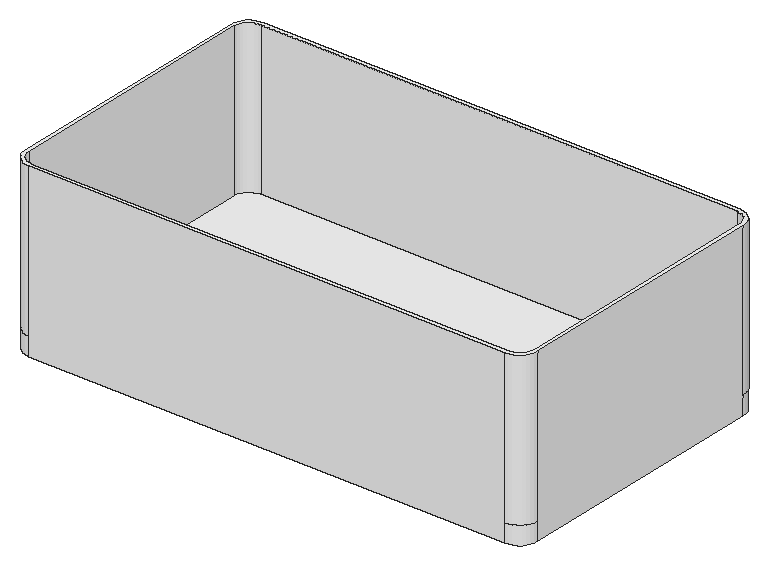
Revit family "Domotics-DomesticRanges-GEWISS-SYSTEM_BOX_WALL-MOUNTING_TOP", category Apparecchi elettrici, host Superficie, Revit 2016
Family settings
  Host = Superficie
  Mantenere orientamento annotazione = No
  Tipo di parte = Normale
  Quota connettore circolare = Usa diametro
  Taglio con vuoti quando caricato = No
  Condiviso = Sì
  Punto di calcolo locali = Sì
Parameters (values of type "GW22472 - Top system wall enc.plates 4P cloud white")
  Version file RFA = "19.4"
  URL = "https://www.gewiss.com/ww/en"
  Tipo = System Scatole Parete x Placche Top_GENERICO : GW22472 Scatola da parete per placche Top System 4P bianco nuvola
  Thermo-pressure with ball = "70 °C"
  Technical sheet = "https://www.gewiss.com/ww/en/search?q=GW22472"
  Suitable for plates = "4 gang"
  Suitable for = "4 gang TOP SYSTEM"
  SEO = "Box"
  Realized by GEWISS S.p.A. = ""
  Default Elevation = 1219.2 mm
  Produttore = "GEWISS S.p.A."
  Montaggio [instance] = ""
  Modello = "GW22472"
  Immagine tipo = GW22472.jpg
  IDT = "42988f69-0a41-4a44-8f66-de2be189585a"
  IDF = "dac660ad-9b35-49b4-9ac1-50a97c30c20d"
  Glow Wire Test = "650°C"
  For trunking dim. (mm) = "14x8.5 30x13 20x10"
  For conduits max Ã˜ (mm) = "16 - 20"
  Electrocod = "0210"
  EAN code = "8011564130227"
  Distanza frutto [instance] = 8.783 mm
  Descrizione = "TOP SYSTEM WALL ENC.PLATES 4PCLOUD WHITE"
  Colour = "Cloud white"
  Characteristics = "Halogen free"
  Catalogue Range = "SYSTEM - BOXES"
  Catalogue = "DOMOTICS"
  COBie.Tagnumber = ""
  COBie.CreatedOn = ""
  COBie.CreatebBy = ""
  COBie.ComponentRegisterItemID = ""
  COBie.Component.TagNumber = ""
  COBie.Component.Space = ""
  COBie.Component.SerialNumber = ""
  COBie.Component.InstallationDate = ""
  COBie.Component.Description = ""
  COBie.Component.BarCode = ""
  Alimentazione [instance] = ""
Types (2, lengths in mm): name | Tipo | Technical sheet | Suitable for plates | Suitable for | Modello | Immagine tipo | IDT | EAN code | Descrizione
  GW22472 - Top system wall enc.plates 4P cloud white | System Scatole Parete x Placche Top_GENERICO : GW22472 Scatola da parete per placche Top System 4P bianco nuvola | "https://www.gewiss.com/ww/en/search?q=GW22472" | "4 gang" | "4 gang TOP SYSTEM" | "GW22472" | GW22472.jpg | "42988f69-0a41-4a44-8f66-de2be189585a" | "8011564130227" | "TOP SYSTEM WALL ENC.PLATES 4PCLOUD WHITE"
  GW22471 - Top system wall enc.plates 3P cloud white | System Scatole Parete x Placche Top_GENERICO : GW22471 Scatola da parete per placche Top System 3P bianco nuvola | "https://www.gewiss.com/ww/en/search?q=GW22471" | "1/2/3 gangs" | "1/2/3 gang TOP SYSTEM" | "GW22471" | GW22471.jpg | "66e7572a-aa06-4e96-9159-f4e50d021690" | "8011564130210" | "TOP SYSTEM WALL ENC.PLATES 3P CLOUD WH."
Reference planes
  plane 1 "Centro (Fronte/Retro)": y = 0
  plane 2: z = 0
  plane 3 "Centro (Sinistra/Destra)": x = 0
  plane 4 "Piano frutto": z = 37.717
  plane 5: z = 36.717
Lines and regions (mm)
  model lines, style "InvisibleLines"
    curve 1: line (-69, 0, 37.717) -> (69, 0, 37.717)
Dimensions and locks
  "Distanza frutto": nested 1 to plane 4 "Piano frutto"
  locked: plane 4 "Piano frutto" to plane 5 at 1
  aligned and locked: plane 2 to host face
  aligned and locked: level to host face
  aligned and locked: plane 3 "Centro (Sinistra/Destra)" to nested 1
  aligned and locked: plane 1 "Centro (Fronte/Retro)" to nested 1
  aligned and locked: nested 1 to curve 1  (x2)
Automatic sketch dimensions
  host sketch curve to host sketch curve = 2438.4 mm  (x2)
  plane 1 "Centro (Fronte/Retro)" to curve 1 = 0 mm
Nested families
  nested 1: "System Scatole Parete x Placche Top_GENERICO" at (0, 0, 0), type <- "Tipo", type "GW22472 Scatola da parete per placche Top System 4P bianco nuvola"
Definition of nested family "System Scatole Parete x Placche Top_GENERICO"
  Parameters (values of type "GW22472 Scatola da parete per placche Top System 4P bianco nuvola")
    Pofondità = 52.5 mm
    Passo Viti = 106.6 mm
    Lunghezza = 80 mm
    Larghezza = 140 mm
    Finitura Top = none
    Altezza da Terra = 750 mm
  Types (2, lengths in mm): name | Passo Viti | Larghezza | Altezza da Terra
    GW22471 Scatola da parete per placche Top System 3P bianco nuvola | 83.5 | 116 | 500
    GW22472 Scatola da parete per placche Top System 4P bianco nuvola | 106.6 | 140 | 750
  Reference planes
    plane 1 "Centro (Fronte/Retro)": y = 0
    plane 2: z = 0
    plane 3 "Centro (Sinistra/Destra)": x = 0
    plane 4: y = 40
    plane 5: y = -40
    plane 6: x = -70
    plane 7: x = 70
  Forms (mm)
    Extrusion 1, solid, material <- "Finitura Top"
      sketch origin (0, 540, 5) x (0, -1, 0) y (1, 0, 0)
        loop
          line (580, -65) -> (580, 65)
          arc (580, 65) -> (578.536, 68.536) -> (575, 70) r 5
          line (575, 70) -> (505, 70)
          arc (505, 70) -> (501.464, 68.536) -> (500, 65) r 5
          line (500, 65) -> (500, -65)
          arc (500, -65) -> (501.464, -68.536) -> (505, -70) r 5
          line (505, -70) -> (575, -70)
          arc (575, -70) -> (578.536, -68.536) -> (580, -65) r 5
        loop
          line (501, 65) -> (501, -65)
          arc (501, -65) -> (502.172, -67.828) -> (505, -69) r 4
          line (505, -69) -> (575, -69)
          arc (575, -69) -> (577.828, -67.828) -> (579, -65) r 4
          line (579, -65) -> (579, 65)
          arc (579, 65) -> (577.828, 67.828) -> (575, 69) r 4
          line (575, 69) -> (505, 69)
          arc (505, 69) -> (502.172, 67.828) -> (501, 65) r 4
      from 41.5 to 0
    Extrusion 2, solid, material <- "Finitura Top"
      sketch origin (0, 540, -41.5) x (0, -1, 0) y (1, 0, 0)
        loop
          line (580, -65) -> (580, 65)
          arc (580, 65) -> (578.536, 68.536) -> (575, 70) r 5
          line (575, 70) -> (505, 70)
          arc (505, 70) -> (501.464, 68.536) -> (500, 65) r 5
          line (500, 65) -> (500, -65)
          arc (500, -65) -> (501.464, -68.536) -> (505, -70) r 5
          line (505, -70) -> (575, -70)
          arc (575, -70) -> (578.536, -68.536) -> (580, -65) r 5
      from 46.5 to 41.5
  Cuts and joins
    joined: Extrusion 1, Extrusion 2
  Dimensions and locks
    equal spacing: plane 4, plane 1 "Centro (Fronte/Retro)", plane 5
    "Lunghezza": plane 4 to plane 5
    equal spacing: plane 6, plane 3 "Centro (Sinistra/Destra)", plane 7
    "Larghezza": plane 6 to plane 7
    aligned and locked: level to plane 2
    aligned and locked: plane 4 to cut or joined group of Extrusion 1, Extrusion 2
    aligned and locked: plane 5 to cut or joined group of Extrusion 1, Extrusion 2
    aligned and locked: plane 6 to cut or joined group of Extrusion 1, Extrusion 2
    aligned and locked: cut or joined group of Extrusion 1, Extrusion 2 to plane 6
    aligned and locked: Extrusion 2 sketch curve to plane 7
  Automatic sketch dimensions
    Extrusion 1 sketch curve to plane 5 = 0 mm
    Extrusion 1 sketch curve to plane 7 = 0 mm
    Extrusion 1 sketch curve to plane 4 = 5 mm  (x2)
    plane 5 to Extrusion 1 sketch curve = 5 mm  (x2)
    Extrusion 1 sketch curve to Extrusion 1 sketch curve = 0 mm  (x7)
    plane 6 to Extrusion 1 sketch curve = 1 mm
    Extrusion 1 sketch curve to plane 7 = 1 mm
    Extrusion 1 sketch curve to plane 4 = 1 mm
    Extrusion 2 sketch curve to plane 4 = 0 mm
    Extrusion 2 sketch curve to plane 6 = 0 mm
    Extrusion 2 sketch curve to plane 5 = 0 mm
    Extrusion 2 sketch curve to plane 4 = 5 mm
    Extrusion 2 sketch curve to Extrusion 2 sketch curve = 5 mm
    plane 5 to Extrusion 2 sketch curve = 5 mm  (x2)
